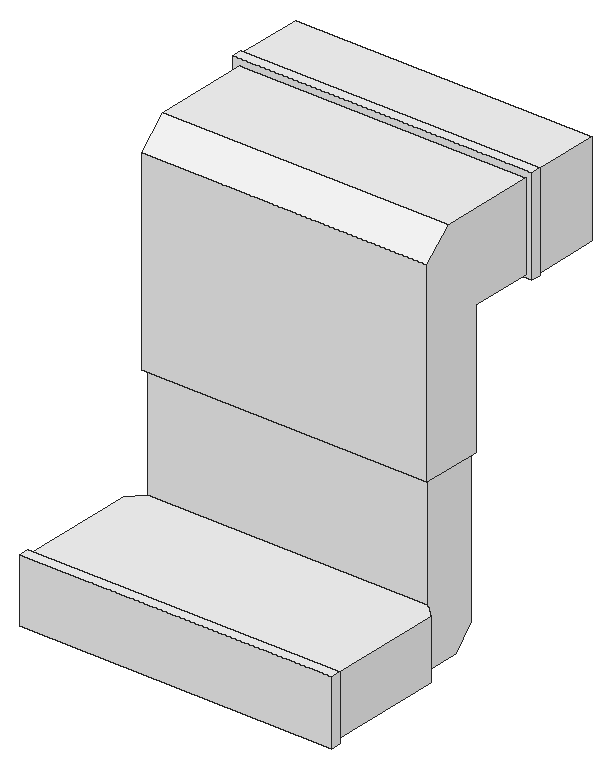
Revit family "NBS_CordekLtd_Arbrcks_AirBrickandAdjustableCavityVent", category Specialty Equipment, Revit 2014
Parameters (values of type "AirBrickAndAdjustableCavityVent")
  Width = 230.00 mm
  VerticalExtensionCalc [instance] = if(VerticalExtension < MinimumVerticalExtension, MinimumVerticalExtension, if(VerticalExtension > MaximumVerticalExtension, MaximumVerticalExtension, VerticalExtension))  # 183.50 mm
  VerticalExtension [instance] = 183.50 mm
  WarrantyStartDate [instance] = "1900-12-31T23:59:59"
  WarrantyGuarantorParts = "n/a"
  WarrantyGuarantorLabor = "n/a"
  WarrantyDurationUnit = "year"
  WarrantyDurationParts = "n/a"
  WarrantyDurationLabor = "n/a"
  WarrantyDescription = "n/a"
  Version = "1"  # constant formula
  Uniclass2015Version = "Products v1.1"
  Uniclass2015Reference = "Pr_35_90_50_03"
  Uniclass2015Description = "Airbricks"
  Uniclass2 = "45-91-50/403"
  TagNumber [instance] = "n/a"
  SustainabilityPerformance = "n/a"
  Size = "n/a"
  Shape = "n/a"
  SerialNumber [instance] = "n/a"
  Revision = "n/a"
  ReplacementCost = "n/a"
  Reference = "n/a"
  ProductInformation = "www.cordek.com/uploads/data_sheets/M-DS18_air_brick_and_cavity_vent_data_sheet_v2_cordek.pdf"
  NominalWidth = Width  # 230.00 mm
  NominalLength [instance] = Length  # 298.50 mm
  NominalHeight = Depth  # 250.50 mm
  Name = "Airbricks_AirBrickandAdjustableCavityVent_CordekLtd"
  NBSTypeID = "n/a"
  NBSReference = "45-80-50/370"
  NBSOfficeMasterTag = "n/a"
  NBSNote = "n/a"
  NBSDescription = "Airbricks"
  NBSCertification = "http://www.nationalbimlibrary.com/cert/etojbb2v"
  ModelReference = "Air Brick and Adjustable Cavity Vent"
  ModelNumber = "n/a"
  MinimumVerticalExtension [instance] = 100.00 mm  # constant formula
  MaximumVerticalExtension [instance] = 185.00 mm  # constant formula
  Material = "Injection moulded polypropylene"
  ManufacturerURL = "www.cordek.com"
  ManufacturerName = "Cordek Ltd"  # constant formula
  Manufacturer = "info@cordek.com"  # constant formula
  Length [instance] = VerticalExtensionCalc + 69.00 mm + 46.00 mm  # 298.50 mm
  InstallationDate [instance] = "1900-12-31T23:59:59"
  IfcExportType = "USERDEFINED"  # constant formula
  IfcExportAs = "IfcBuildingElementProxyType"  # constant formula
  Grade = "n/a"
  Finish = "n/a"
  Features = "Incorporates a front mounted grill, comprising evenly spaced voids, designed to resist blockage by debris"
  ExpectedLife = "n/a"
  DurationUnit = "year"
  Description = "Polypropylene air brick and adjustable cavity vent"
  Depth = 250.50 mm
  Constituents = "n/a"
  Color = "Adjustable Cavity Vent: Black"
  CodePerformance = "n/a"
  Class = "n/a"
  Category = "Pr_35_90_50_03:Airbricks"
  BarCode [instance] = "n/a"
  BIMObjectName = "NBS_CordekLtd_Airbricks_AirBrickandAdjustableCavityVent"
  Author = "NBS"  # constant formula
  AssetType = "Fixed"
  AssetIdentifier [instance] = "n/a"
  Apertures = "Louvre"
  AirBrickSize = "210 x 70 x 57 mm (l x h x d):"
  AirBrickMaterial = NBS_Concept
  AirBrickFreeAirFlow = "7600 mm²"
  AirBrickColourOptions = "Blue/Black, Buff, Terracotta"
  AdjustableCavityVentMaterial = NBS_Concept
  Accessories = "CGV-012 - Adjustable sleeve horizontal, CGV-013 - Adjustable sleeve vertical"
  AccessibilityPerformance = "n/a"
Reference planes
  plane 1 "Center (Front/Back)": y = 0
  plane 2: z = 0
  plane 3 "Center (Left/Right)": x = 0
  plane 4: y = -156
  plane 5: y = -243.5
  plane 6: y = -146
  plane 7: x = -115
  plane 8: x = 115
  plane 9: z = 44
  plane 10: y = -106
  plane 11: z = 128.5
  plane 12: z = 227.5
  plane 13: z = 292.502
  plane 14: y = -57
  plane 15: x = -107
  plane 16: x = 107
  plane 17: y = -50
  plane 18: y = -250.5
  plane 19: x = -105
  plane 20: x = 105
  plane 21: z = 294.502
  plane 22: z = 228.502
  plane 23: y = -104
  plane 24: z = 296.502
  plane 25: z = 226.502
  plane 26: z = -2
Forms (mm)
  Extrusion 1, solid, material "NBS_Concept" <- "AdjustableCavityVentMaterial", detail levels fine
    sketch origin (0, 0, 0) x (1, 0, 0) y (0, 1, 0)
      loop
        line (-115, -243.5) -> (115, -243.5) -> (115, -156) -> (105, -146) -> (-105, -146) -> (-115, -156) -> (-115, -243.5)
    from 0 to 44
  Extrusion 2, solid, material "NBS_Concept" <- "AdjustableCavityVentMaterial", detail levels fine
    sketch origin (0, 0, 0) x (0, 1, 0) y (0, 0, 1)
      loop
        line (-106, 128.5) -> (-146, 128.5) -> (-146, 0) -> (-120, 0) -> (-106, 15) -> (-106, 128.5)
    from -105 to 105
  Extrusion 3, solid, material "NBS_Concept" <- "AdjustableCavityVentMaterial", detail levels fine
    sketch origin (0, 0, 0) x (0, 1, 0) y (0, 0, 1)
      loop
        line (-104, 128.5) -> (-104, 227.5) -> (-57, 227.5) -> (-57, 292.502) -> (-129, 292.502) -> (-149, 274.502) -> (-149, 128.5) -> (-104, 128.5)
    from -107 to 107
  Extrusion 4, solid, material "NBS_Concept" <- "AdjustableCavityVentMaterial"
    sketch origin (0, 0, 0) x (1, 0, 0) y (0, 0, 1)
      loop
        line (-117, 46) -> (-117, -2) -> (117, -2) -> (117, 46) -> (-117, 46)
    from 243.5 to 250.5
  Extrusion 5, solid, material "NBS_Concept" <- "AdjustableCavityVentMaterial"
    sketch origin (0, 0, 0) x (1, 0, 0) y (0, 0, 1)
      loop
        line (-112, 297.502) -> (-112, 225.502) -> (112, 225.502) -> (112, 297.502) -> (-112, 297.502)
    from 50 to 57
  Extrusion 6, solid, material "NBS_Concept" <- "AirBrickMaterial"
    sketch origin (0, 0, 0) x (1, 0, 0) y (0, 0, 1)
      loop
        line (-111, 296.502) -> (-111, 226.502) -> (111, 226.502) -> (111, 296.502) -> (-111, 296.502)
    from 0 to 50
  Extrusion 7, solid, material "NBS_Concept" <- "AdjustableCavityVentMaterial", detail levels coarse+medium
    sketch origin (0, 0, 0) x (0, 1, 0) y (0, 0, 1)
      loop
        line (-57, 292.502) -> (-149, 292.502) -> (-149, 128.5) -> (-104, 128.5) -> (-104, 227.5) -> (-57, 227.5) -> (-57, 292.502)
    from -107 to 107
  Extrusion 8, solid, material "NBS_Concept" <- "AdjustableCavityVentMaterial", detail levels coarse+medium
    sketch origin (0, 0, 0) x (0, 1, 0) y (0, 0, 1)
      loop
        line (-106, 128.5) -> (-146, 128.5) -> (-146, 44) -> (-243.5, 44) -> (-243.5, 0) -> (-106, 0) -> (-106, 128.5)
    from -105 to 105
  Extrusion 9, void
    sketch origin (0, 0, 0) x (0, 1, 0) y (0, 0, 1)
      loop
        line (0, 297.502) -> (-149, 297.502) -> (-149, 46) -> (-250.5, 46) -> (-250.5, -2) -> (-104, -2) -> (-104, 225.502) -> (0, 225.502) -> (0, 297.502)
    from -115 to 115
Cuts and joins
  joined: Extrusion 1, Extrusion 2
Lines and regions (mm)
  model lines
    curve 1: line (108.911, 0, 294.502) -> (-109, 0, 294.502)
    curve 2: line (108.911, 0, 228.502) -> (108.911, 0, 294.502)
    curve 3: line (-109, 0, 228.502) -> (108.911, 0, 228.502)
    curve 4: line (-109, 0, 294.502) -> (-109, 0, 228.502)
  model lines, detail levels fine
    curve 5: line (72.593, 0, 294.502) -> (72.593, 0, 228.502)
    curve 6: line (36.274, 0, 294.502) -> (36.274, 0, 228.502)
    curve 7: line (-0.044, 0, 294.502) -> (-0.044, 0, 228.502)
    curve 8: line (-36.363, 0, 294.502) -> (-36.363, 0, 228.502)
    curve 9: line (-72.681, 0, 294.502) -> (-72.681, 0, 228.502)
    curve 10: line (108.911, 0, 283.502) -> (-109, 0, 283.502)
    curve 11: line (108.911, 0, 272.502) -> (-109, 0, 272.502)
    curve 12: line (108.911, 0, 261.502) -> (-109, 0, 261.502)
    curve 13: line (108.911, 0, 250.502) -> (-109, 0, 250.502)
    curve 14: line (108.911, 0, 239.502) -> (-109, 0, 239.502)
    curve 19: line (0, -250.5, 43.2) -> (0, -250.5, 0.8)
  model lines, detail levels medium+fine
    curve 15: line (-114.2, -250.5, 43.2) -> (114.2, -250.5, 43.2)
    curve 16: line (-114.2, -250.5, 0.8) -> (-114.2, -250.5, 43.2)
    curve 17: line (114.2, -250.5, 0.8) -> (-114.2, -250.5, 0.8)
    curve 18: line (114.2, -250.5, 43.2) -> (114.2, -250.5, 0.8)
Dimensions and locks
  equal spacing: plane 7, plane 3 "Center (Left/Right)", plane 8
  "Width": plane 7 to plane 8
  locked: plane 12 to plane 11 at 99
  locked: plane 6 to Extrusion 3 sketch curve at 3
  locked: Extrusion 5 sketch curve to plane 13 at 5
  locked: plane 12 to Extrusion 5 sketch curve at 1.998
  locked: plane 17 to plane 14 at 7
  locked: plane 13 to plane 12 at 65.002
  "VerticalExtension": plane 12 to plane 9
  plane 5 to plane 18 = 7.00 mm
  locked: plane 1 "Center (Front/Back)" to plane 14 at 57
  locked: plane 6 to Extrusion 7 sketch curve at 3
  equal spacing: plane 15, plane 3 "Center (Left/Right)", plane 16
  locked: plane 15 to plane 16 at 214
  equal spacing: plane 19, plane 3 "Center (Left/Right)", plane 20
  locked: plane 19 to plane 20 at 210
  locked: plane 12 to plane 22 at 1.002
  locked: plane 13 to plane 21 at 2
  equal spacing: plane 21, curve 10, curve 11, curve 12, curve 13, curve 14, plane 22
  locked: plane 13 to Extrusion 9 sketch curve at 5
  locked: Extrusion 9 sketch curve to plane 22 at 3
  locked: level to Extrusion 9 sketch curve at 2
  locked: Extrusion 9 sketch curve to plane 9 at 2
  locked: plane 6 to Extrusion 9 sketch curve at 3
  plane 13 to plane 24 = 4.00 mm
  plane 25 to plane 22 = 2.00 mm
  level to plane 26 = 2.00 mm
  aligned and locked: level to plane 2
  aligned and locked: plane 6 to Extrusion 1 sketch curve
  aligned and locked: plane 4 to Extrusion 1 sketch curve  (x2)
  aligned and locked: plane 5 to Extrusion 1 sketch curve
  aligned and locked: Extrusion 1 sketch curve to plane 7
  aligned and locked: Extrusion 1 sketch curve to plane 8
  aligned and locked: plane 9 to Extrusion 1
  aligned and locked: Extrusion 2 sketch curve to plane 6
  aligned and locked: Extrusion 2 sketch curve to plane 10
  aligned and locked: plane 11 to Extrusion 2 sketch curve
  aligned and locked: Extrusion 3 sketch curve to plane 13
  aligned and locked: Extrusion 3 sketch curve to plane 12
  aligned and locked: plane 14 to Extrusion 3 sketch curve
  aligned and locked: plane 11 to Extrusion 3 sketch curve
  aligned and locked: Extrusion 3 to plane 15
  aligned and locked: Extrusion 4 to plane 5
  aligned and locked: plane 17 to Extrusion 5
  aligned and locked: Extrusion 5 to plane 14
  aligned and locked: Extrusion 1 to level
  aligned and locked: level to Extrusion 2 sketch curve
  aligned and locked: Extrusion 4 to plane 18
  aligned and locked: Extrusion 6 to plane 17
  aligned and locked: Extrusion 7 sketch curve to plane 11
  aligned and locked: Extrusion 7 sketch curve to plane 14
  aligned and locked: plane 12 to Extrusion 7 sketch curve
  aligned and locked: plane 13 to Extrusion 7 sketch curve
  aligned and locked: Extrusion 8 sketch curve to plane 11
  aligned and locked: Extrusion 8 sketch curve to level
  aligned and locked: plane 9 to Extrusion 8 sketch curve
  aligned and locked: Extrusion 8 sketch curve to plane 5
  aligned and locked: plane 6 to Extrusion 8 sketch curve
  aligned and locked: Extrusion 8 sketch curve to plane 10
  aligned and locked: plane 16 to Extrusion 7
  aligned and locked: Extrusion 7 to plane 15
  aligned and locked: plane 19 to cut or joined group of Extrusion 1, Extrusion 2
  aligned and locked: cut or joined group of Extrusion 1, Extrusion 2 to plane 20
  aligned and locked: Extrusion 8 to plane 20
  aligned and locked: plane 19 to Extrusion 8
  aligned and locked: plane 21 to curve 1
  aligned and locked: curve 3 to plane 22
  aligned and locked: Extrusion 7 to plane 13
  aligned and locked: Extrusion 7 sketch curve to plane 23
  aligned and locked: plane 23 to Extrusion 3 sketch curve
  aligned and locked: plane 1 "Center (Front/Back)" to Extrusion 9 sketch curve
  aligned and locked: plane 18 to Extrusion 9 sketch curve
  aligned and locked: plane 23 to Extrusion 9 sketch curve
  aligned and locked: plane 7 to Extrusion 9
  aligned and locked: Extrusion 9 to plane 8
Automatic sketch dimensions
  Extrusion 1 sketch curve to plane 19 = 0.00 mm
  plane 20 to Extrusion 1 sketch curve = 0.00 mm
  plane 10 to Extrusion 2 sketch curve = 14.00 mm
  level to Extrusion 2 sketch curve = 15.00 mm
  Extrusion 3 sketch curve to plane 6 = 17.00 mm
  plane 13 to Extrusion 3 sketch curve = 18.00 mm
  Extrusion 4 sketch curve to plane 26 = 0.00 mm
  plane 7 to Extrusion 4 sketch curve = 2.00 mm
  Extrusion 4 sketch curve to plane 8 = 2.00 mm
  plane 9 to Extrusion 4 sketch curve = 2.00 mm
  Extrusion 5 sketch curve to plane 7 = 3.00 mm
  plane 8 to Extrusion 5 sketch curve = 3.00 mm
  Extrusion 6 sketch curve to plane 25 = 0.00 mm
  Extrusion 6 sketch curve to plane 24 = 0.00 mm
  Extrusion 6 sketch curve to plane 15 = 4.00 mm
  plane 8 to Extrusion 6 sketch curve = 4.00 mm
  Extrusion 6 to curve 1 = 2.00 mm
  Extrusion 6 to curve 3 = 2.089 mm
  curve 1 to curve 9 = 36.319 mm
  curve 9 to curve 8 = 36.319 mm
  curve 8 to curve 7 = 36.319 mm
  curve 7 to curve 6 = 36.319 mm
  curve 5 to curve 1 = 36.319 mm
  curve 15 to Extrusion 4 = 2.80 mm
  curve 18 to Extrusion 4 = 2.80 mm  (x2)
  curve 17 to Extrusion 4 = 2.80 mm
  curve 19 to curve 15 = 114.20 mm
